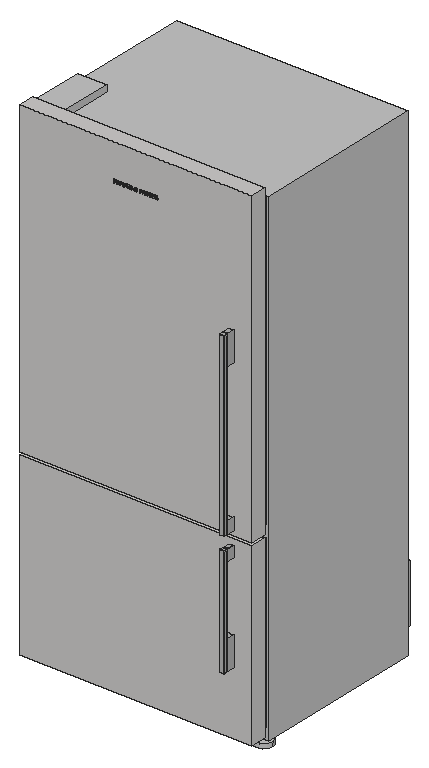
Revit family "FP-Revit18-E522BLXFD4-Fridges", category Specialty Equipment, Revit 2018
Family settings
  Round Connector Dimension = Use Diameter
  Part Type = Normal
  OmniClass Number = 23.40.40.11.11.17
  OmniClass Title = Refrigerator-Freezer
  Work Plane-Based = No
  Always vertical = Yes
  Cut with Voids When Loaded = Yes
  Shared = No
  Room Calculation Point = No
Parameters (values of type "E522BLXFD4")
  Visibility - Clearance Required = yes
  URL = "www.fisherpaykel.com"
  Product - Width = 790 mm  # constant formula
  Product - Height = 1720 mm  # constant formula
  Product - Depth = 736 mm  # constant formula
  Model = "E522BLXFD4"
  Material - Logo = Fisher & Paykel - Steel, Chrome Plated
  Material - Handle = Fisher & Paykel - Aluminium
  Material - Door Structure = Fisher & Paykel - White
  Material - Door Front = Fisher & Paykel - Stainless Steel
  Material - Body = Fisher & Paykel - Grey
  Manufacturer = "Fisher & Paykel Appliances"
  Description = "79cm Freestanding Refrigerator with Bottom Freezer"
  Connector Description - Electrical = "230 V, 50Hz"
  Chassis - Width = 790 mm  # constant formula
  Chassis - Height = 1662 mm  # constant formula
  Chassis - Depth = 625 mm  # constant formula
  Cavity - Width = 830 mm  # constant formula
  Cavity - Height = 1735 mm  # constant formula
  Cavity - Depth = 625 mm  # constant formula
Reference planes
  plane 1 "Datum": y = 0
  plane 2: z = 0
  plane 3 "Center (Left/Right)": x = 0
  plane 4 "Product LHS": x = -395
  plane 5 "Product RHS": x = 395
  plane 6 "Product - Depth": y = 625
  plane 7 "Cavity LHS": x = -415
  plane 8 "Cavity RHS": x = 415
  plane 9 "Cavity - Depth": y = 625
  plane 10 "Product Height": z = 1720
  plane 11 "Cavity Height": z = 1735
  plane 12 "Door Panel Front": y = -70
Forms (mm)
  Extrusion 1, solid, material "Fisher & Paykel - Grey" <- "Material - Body"
    sketch origin (0, 0, 0) x (0, 1, 0) y (0, 0, 1)
      loop
        line (0, 24) -> (595, 24) -> (595, 1686) -> (0, 1686) -> (0, 24)
    from -395 to 395
  Extrusion 2, solid, material "Fisher & Paykel - Grey" <- "Material - Body"
    sketch origin (0, 0, 0) x (1, 0, 0) y (0, 1, 0)
      loop
        circle (-365, 18.6) r 4.9
      loop
        circle (365, 18.6) r 4.9
    from 14 to 24
  Extrusion 3, solid, material "Fisher & Paykel - Grey" <- "Material - Body"
    sketch origin (0, 0, 0) x (1, 0, 0) y (0, 1, 0)
      loop
        circle (-365, 18.6) r 30
      loop
        circle (365, 18.6) r 30
    from 0 to 14
  Extrusion 4, solid, material "Fisher & Paykel - Grey" <- "Material - Body"
    sketch origin (0, 0, 0) x (1, 0, 0) y (0, 0, 1)
      loop
        circle (355.042, 69) r 5
      loop
        circle (305.042, 69) r 5
    from -615 to -595
  Extrusion 5, solid, material "Fisher & Paykel - White" <- "Material - Door Structure"
    sketch origin (0, 0, 0) x (1, 0, 0) y (0, 1, 0)
      loop
        line (-387, 0) -> (-387, -15) -> (387, -15) -> (387, 0) -> (-387, 0)
    from 682 to 1680
  Extrusion 6, solid, material "Fisher & Paykel - Stainless Steel" <- "Material - Door Front"
    sketch origin (0, 0, 0) x (1, 0, 0) y (0, 1, 0)
      loop
        line (-395, -15) -> (-395, -70) -> (395, -70) -> (395, -15) -> (-395, -15)
    from 660 to 1720
  Extrusion 7, solid, material "Fisher & Paykel - Clearance Required", visible <- "Visibility - Clearance Required", detail levels coarse
    sketch origin (0, 0, 0) x (1, 0, 0) y (0, 1, 0)
      loop
        line (-415, 625) -> (-415, 0) -> (-550, 0) -> (-550, -70) -> (415, -70) -> (415, 625) -> (-415, 625)
    from 0 to 1735
  Extrusion 8, void
    sketch origin (0, 0, 0) x (1, 0, 0) y (0, 1, 0)
      loop
        line (-415, 625) -> (-415, 0) -> (-550, 0) -> (-550, -70) -> (415, -70) -> (415, 625) -> (-415, 625)
    from 0 to 1735
  Extrusion 9, solid, material "Fisher & Paykel - Stainless Steel" <- "Material - Door Front"
    sketch origin (0, 0, 0) x (1, 0, 0) y (0, 1, 0)
      loop
        line (-395, -15) -> (-395, -70) -> (395, -70) -> (395, -15) -> (-395, -15)
    from 40 to 650
  Extrusion 10, solid, material "Fisher & Paykel - White" <- "Material - Door Structure"
    sketch origin (0, 0, 0) x (1, 0, 0) y (0, 1, 0)
      loop
        line (-387, 0) -> (-387, -15) -> (387, -15) -> (387, 0) -> (-387, 0)
    from 62 to 642
  Extrusion 11, solid, material "Fisher & Paykel - Grey" <- "Material - Body"
    sketch origin (229.237, 0, 0) x (0, 1, 0) y (0, 0, 1)
      loop
        line (595, 324) -> (595, 94) -> (625, 94) -> (625, 294) -> (595, 324)
    from -604.237 to 145.763
  Extrusion 12, solid, material "Fisher & Paykel - Grey" <- "Material - Body"
    sketch origin (0, 0, 0) x (0, 1, 0) y (0, 0, 1)
      loop
        line (595, 94) -> (595, 24) -> (625, 24) -> (625, 94) -> (595, 94)
    from -375 to 280
  Extrusion 13, solid, material "Fisher & Paykel - Grey" <- "Material - Body"
    sketch origin (0, 0, 0) x (1, 0, 0) y (0, 1, 0)
      loop
        line (-296.4, 174) -> (-395, 174) -> (-395, -15) -> (-296.4, -15) -> (-296.4, 174)
    from 1686 to 1708
  Extrusion 14, solid, material "Fisher & Paykel - Clearance Required", visible <- "Visibility - Clearance Required", detail levels coarse
    sketch origin (0, 0, 0) x (1, 0, 0) y (0, 1, 0)
      loop
        line (-460.698, -70) -> (-917.327, -479.052) -> (-945.351, -447.768) -> (-956.233, -458.65) -> (-928.772, -489.304) -> (-975.827, -531.456)
        arc (-975.827, -531.456) -> (-135.432, -761.124) -> (395, -70) r 781.226
        line (395, -70) -> (-460.698, -70)
    from 0 to 1735
  Extrusion 15, solid, material "Fisher & Paykel - Grey" <- "Material - Body", detail levels fine
    sketch origin (0, 0, -4) x (0, 1, 0) y (0, 0, 1)
      loop
        arc (62.091, 28) -> (87.5, 4) -> (112.909, 28) r 25.45
        line (112.909, 28) -> (62.091, 28)
      loop
        arc (503.639, 28) -> (529.047, 4) -> (554.456, 28) r 25.45
        line (554.456, 28) -> (503.639, 28)
    from 345 to 362
  Extrusion 16, solid, material "Fisher & Paykel - Grey" <- "Material - Body", detail levels fine
    sketch origin (0, 0, -4) x (0, 1, 0) y (0, 0, -1)
      loop
        line (62.091, -28) -> (112.909, -28)
        arc (112.909, -28) -> (87.5, -4) -> (62.091, -28) r 25.45
      loop
        line (503.639, -28) -> (554.456, -28)
        arc (554.456, -28) -> (529.047, -4) -> (503.639, -28) r 25.45
    from 345 to 362
  Extrusion 17, solid, material "Fisher & Paykel - Aluminium" <- "Material - Handle", detail levels fine
    sketch origin (324.296, -70, 0) x (1, 0, 0) y (0, 1, 0)
      loop
        arc (-7.7, -27.749) -> (0.04, -25.059) -> (7.7, -27.971) r 11.986
        line (7.7, -27.971) -> (7.7, 0) -> (-7.7, 0) -> (-7.7, -27.749)
    from 257 to 357
  Extrusion 18, solid, material "Fisher & Paykel - Aluminium" <- "Material - Handle", detail levels fine
    sketch origin (324.296, -70, 0) x (1, 0, 0) y (0, 1, 0)
      loop
        arc (-7.7, -27.749) -> (0.04, -25.059) -> (7.7, -27.971) r 11.986
        line (7.7, -27.971) -> (7.7, 0) -> (-7.7, 0) -> (-7.7, -27.749)
    from 591 to 631
  Extrusion 19, solid, material "Fisher & Paykel - Aluminium" <- "Material - Handle", detail levels fine
    sketch origin (324.296, -70, 0) x (1, 0, 0) y (0, 1, 0)
      loop
        arc (-7.7, -27.749) -> (0.04, -25.059) -> (7.7, -27.971) r 11.986
        line (7.7, -27.971) -> (7.7, 0) -> (-7.7, 0) -> (-7.7, -27.749)
    from 676 to 716
  Extrusion 20, solid, material "Fisher & Paykel - Aluminium" <- "Material - Handle", detail levels fine
    sketch origin (324.296, -70, 0) x (1, 0, 0) y (0, 1, 0)
      loop
        arc (-7.7, -27.749) -> (0.04, -25.059) -> (7.7, -27.971) r 11.986
        line (7.7, -27.971) -> (7.7, 0) -> (-7.7, 0) -> (-7.7, -27.749)
    from 1188 to 1288
  Extrusion 21, solid, material "Fisher & Paykel - Aluminium" <- "Material - Handle", detail levels fine
    sketch origin (324.296, -70, 0) x (1, 0, 0) y (0, 1, 0)
      loop
        arc (-8, -39.496) -> (-7.559, -40.559) -> (-6.496, -41) r 1.504
        line (-6.496, -41) -> (6.5, -41)
        arc (6.5, -41) -> (7.561, -40.561) -> (8, -39.5) r 1.5
        line (8, -39.5) -> (8, -28.788)
        arc (8, -28.788) -> (7.908, -28.369) -> (7.649, -28.028) r 1
        arc (7.649, -28.028) -> (0.055, -25.159) -> (-7.625, -27.788) r 11.986
        arc (-7.625, -27.788) -> (-7.901, -28.136) -> (-8, -28.569) r 1
        line (-8, -28.569) -> (-8, -39.496)
    from 676 to 1288
  Extrusion 22, solid, material "Fisher & Paykel - Aluminium" <- "Material - Handle", detail levels fine
    sketch origin (324.296, -70, 0) x (1, 0, 0) y (0, 1, 0)
      loop
        arc (-8, -39.496) -> (-7.559, -40.559) -> (-6.496, -41) r 1.504
        line (-6.496, -41) -> (6.5, -41)
        arc (6.5, -41) -> (7.561, -40.561) -> (8, -39.5) r 1.5
        line (8, -39.5) -> (8, -28.788)
        arc (8, -28.788) -> (7.908, -28.369) -> (7.649, -28.028) r 1
        arc (7.649, -28.028) -> (0.055, -25.159) -> (-7.625, -27.788) r 11.986
        arc (-7.625, -27.788) -> (-7.901, -28.136) -> (-8, -28.569) r 1
        line (-8, -28.569) -> (-8, -39.496)
    from 257 to 631
  Extrusion 23, solid, material "Fisher & Paykel - Aluminium" <- "Material - Handle", detail levels coarse+medium
    sketch origin (324.296, -70, 0) x (0, 1, 0) y (0, 0, 1)
      loop
        line (0, 1288) -> (-41, 1288) -> (-41, 676) -> (0, 676) -> (0, 716) -> (-25.058, 716) -> (-25.058, 1188) -> (0, 1188) -> (0, 1288)
      loop
        line (0, 631) -> (-41, 631) -> (-41, 257) -> (0, 257) -> (0, 357) -> (-25, 357) -> (-25, 591) -> (0, 591) -> (0, 631)
    from -8 to 8
  Sweep 24, void
    path in 3D
      loop
        line (316.296, -98.569, 1288) -> (316.296, -109.496, 1288)
        arc (316.296, -109.496, 1288) -> (316.736, -110.559, 1288) -> (317.8, -111, 1288) r 1.504
        line (317.8, -111, 1288) -> (330.796, -111, 1288)
        arc (330.796, -111, 1288) -> (331.856, -110.561, 1288) -> (332.296, -109.5, 1288) r 1.5
        line (332.296, -109.5, 1288) -> (332.296, -98.788, 1288)
    profile origin (332.296, -104.144, 1288) x (-1, 0, 0) y (0, 0, 1)
      loop
        line (0, 0) -> (0, -1.2) -> (1.2, 0) -> (0, 0)
  Extrusion 25, void
    sketch origin (324.296, -70, -3) x (1, 0, 0) y (0, 0, 1)
      loop
        line (6.8, 1291) -> (8, 1289.8) -> (8, 1291) -> (6.8, 1291)
      loop
        line (-6.8, 1291) -> (-8, 1291) -> (-8, 1289.8) -> (-6.8, 1291)
    from 0 to 41
  Sweep 26, void
    path in 3D
      loop
        line (316.296, -98.569, 631) -> (316.296, -109.496, 631)
        arc (316.296, -109.496, 631) -> (316.736, -110.559, 631) -> (317.8, -111, 631) r 1.504
        line (317.8, -111, 631) -> (330.796, -111, 631)
        arc (330.796, -111, 631) -> (331.856, -110.561, 631) -> (332.296, -109.5, 631) r 1.5
        line (332.296, -109.5, 631) -> (332.296, -98.788, 631)
    profile origin (332.296, -104.144, 631) x (-1, 0, 0) y (0, 0, 1)
      loop
        line (0, 0) -> (0, -1.2) -> (1.2, 0) -> (0, 0)
  Extrusion 27, void
    sketch origin (324.296, -70, -3) x (1, 0, 0) y (0, 0, 1)
      loop
        line (6.8, 634) -> (8, 632.8) -> (8, 634) -> (6.8, 634)
      loop
        line (-6.8, 634) -> (-8, 634) -> (-8, 632.8) -> (-6.8, 634)
    from 0 to 41
  Extrusion 28, solid, material "Fisher & Paykel - Aluminium" <- "Material - Handle", not visible, detail levels fine
    sketch origin (1231.336, 179.177, 0) x (1, 0, 0) y (0, 1, 0)
      loop
        arc (-7.7, -27.749) -> (0.04, -25.059) -> (7.7, -27.971) r 11.986
        line (7.7, -27.971) -> (7.7, 0) -> (-7.7, 0) -> (-7.7, -27.749)
    from 257 to 357
  Extrusion 29, solid, material "Fisher & Paykel - Aluminium" <- "Material - Handle", not visible, detail levels fine
    sketch origin (1231.336, 179.177, 0) x (1, 0, 0) y (0, 1, 0)
      loop
        arc (-7.7, -27.749) -> (0.04, -25.059) -> (7.7, -27.971) r 11.986
        line (7.7, -27.971) -> (7.7, 0) -> (-7.7, 0) -> (-7.7, -27.749)
    from 591 to 631
  Extrusion 30, solid, material "Fisher & Paykel - Aluminium" <- "Material - Handle", not visible, detail levels fine
    sketch origin (1231.336, 179.177, 0) x (1, 0, 0) y (0, 1, 0)
      loop
        arc (-7.7, -27.749) -> (0.04, -25.059) -> (7.7, -27.971) r 11.986
        line (7.7, -27.971) -> (7.7, 0) -> (-7.7, 0) -> (-7.7, -27.749)
    from 676 to 716
  Extrusion 31, solid, material "Fisher & Paykel - Aluminium" <- "Material - Handle", not visible, detail levels fine
    sketch origin (1231.336, 179.177, 0) x (1, 0, 0) y (0, 1, 0)
      loop
        arc (-7.7, -27.749) -> (0.04, -25.059) -> (7.7, -27.971) r 11.986
        line (7.7, -27.971) -> (7.7, 0) -> (-7.7, 0) -> (-7.7, -27.749)
    from 1188 to 1288
  Extrusion 32, solid, material "Fisher & Paykel - Aluminium" <- "Material - Handle", not visible, detail levels fine
    sketch origin (1231.336, 179.177, 0) x (1, 0, 0) y (0, 1, 0)
      loop
        arc (-8, -39.496) -> (-7.559, -40.559) -> (-6.496, -41) r 1.504
        line (-6.496, -41) -> (6.5, -41)
        arc (6.5, -41) -> (7.561, -40.561) -> (8, -39.5) r 1.5
        line (8, -39.5) -> (8, -28.788)
        arc (8, -28.788) -> (7.908, -28.369) -> (7.649, -28.028) r 1
        arc (7.649, -28.028) -> (0.055, -25.159) -> (-7.625, -27.788) r 11.986
        arc (-7.625, -27.788) -> (-7.901, -28.136) -> (-8, -28.569) r 1
        line (-8, -28.569) -> (-8, -39.496)
    from 676 to 1288
  Extrusion 33, solid, material "Fisher & Paykel - Aluminium" <- "Material - Handle", not visible, detail levels fine
    sketch origin (1231.336, 179.177, 0) x (1, 0, 0) y (0, 1, 0)
      loop
        arc (-8, -39.496) -> (-7.559, -40.559) -> (-6.496, -41) r 1.504
        line (-6.496, -41) -> (6.5, -41)
        arc (6.5, -41) -> (7.561, -40.561) -> (8, -39.5) r 1.5
        line (8, -39.5) -> (8, -28.788)
        arc (8, -28.788) -> (7.908, -28.369) -> (7.649, -28.028) r 1
        arc (7.649, -28.028) -> (0.055, -25.159) -> (-7.625, -27.788) r 11.986
        arc (-7.625, -27.788) -> (-7.901, -28.136) -> (-8, -28.569) r 1
        line (-8, -28.569) -> (-8, -39.496)
    from 257 to 631
  Extrusion 34, solid, material "Fisher & Paykel - Aluminium" <- "Material - Handle", not visible, detail levels coarse+medium
    sketch origin (1231.336, 179.177, 0) x (0, 1, 0) y (0, 0, 1)
      loop
        line (0, 1288) -> (-41, 1288) -> (-41, 676) -> (0, 676) -> (0, 716) -> (-25.058, 716) -> (-25.058, 1188) -> (0, 1188) -> (0, 1288)
      loop
        line (0, 631) -> (-41, 631) -> (-41, 257) -> (0, 257) -> (0, 357) -> (-25, 357) -> (-25, 591) -> (0, 591) -> (0, 631)
    from -8 to 8
  Sweep 35, void, not visible
    path in 3D
      loop
        line (1223.336, 150.608, 1288) -> (1223.336, 139.681, 1288)
        arc (1223.336, 139.681, 1288) -> (1223.777, 138.617, 1288) -> (1224.84, 138.177, 1288) r 1.504
        line (1224.84, 138.177, 1288) -> (1237.836, 138.177, 1288)
        arc (1237.836, 138.177, 1288) -> (1238.897, 138.616, 1288) -> (1239.336, 139.677, 1288) r 1.5
        line (1239.336, 139.677, 1288) -> (1239.336, 150.389, 1288)
    profile origin (1239.336, 145.033, 1288) x (-1, 0, 0) y (0, 0, 1)
      loop
        line (0, 0) -> (0, -1.2) -> (1.2, 0) -> (0, 0)
  Extrusion 36, void, not visible
    sketch origin (1231.336, 179.177, -3) x (1, 0, 0) y (0, 0, 1)
      loop
        line (6.8, 1291) -> (8, 1289.8) -> (8, 1291) -> (6.8, 1291)
      loop
        line (-6.8, 1291) -> (-8, 1291) -> (-8, 1289.8) -> (-6.8, 1291)
    from 0 to 41
  Sweep 37, void, not visible
    path in 3D
      loop
        line (1223.336, 150.608, 631) -> (1223.336, 139.681, 631)
        arc (1223.336, 139.681, 631) -> (1223.777, 138.617, 631) -> (1224.84, 138.177, 631) r 1.504
        line (1224.84, 138.177, 631) -> (1237.836, 138.177, 631)
        arc (1237.836, 138.177, 631) -> (1238.897, 138.616, 631) -> (1239.336, 139.677, 631) r 1.5
        line (1239.336, 139.677, 631) -> (1239.336, 150.389, 631)
    profile origin (1239.336, 145.033, 631) x (-1, 0, 0) y (0, 0, 1)
      loop
        line (0, 0) -> (0, -1.2) -> (1.2, 0) -> (0, 0)
  Extrusion 38, void, not visible
    sketch origin (1231.336, 179.177, -3) x (1, 0, 0) y (0, 0, 1)
      loop
        line (6.8, 634) -> (8, 632.8) -> (8, 634) -> (6.8, 634)
      loop
        line (-6.8, 634) -> (-8, 634) -> (-8, 632.8) -> (-6.8, 634)
    from 0 to 41
  Extrusion 39, solid, material "Fisher & Paykel - Steel, Chrome Plated" <- "Material - Logo", detail levels fine
    sketch origin (0, -70, 1596) x (1, 0, 0) y (0, 0, 1)
      loop
        line (-74.994, 0) -> (-72.633, 0) -> (-72.633, 3.207) -> (-68.944, 3.207) -> (-68.944, 5.208) -> (-72.633, 5.208) -> (-72.633, 7.068) -> (-68.62, 7.068) -> (-68.62, 9.06) -> (-74.994, 9.06) -> (-74.994, 0)
      loop
        line (-64.134, 9.06) -> (-64.134, 0) -> (-61.773, 0) -> (-61.773, 9.06) -> (-64.134, 9.06)
      loop
        line (-46.015, 9.06) -> (-46.015, 0) -> (-43.654, 0) -> (-43.654, 3.63) -> (-40.187, 3.63) -> (-40.187, 0) -> (-37.826, 0) -> (-37.826, 9.06) -> (-40.187, 9.06) -> (-40.187, 5.622) -> (-43.654, 5.622) -> (-43.654, 9.06) -> (-46.015, 9.06)
      loop
        line (-32.787, 9.06) -> (-32.787, 0) -> (-26.332, 0) -> (-26.332, 1.992) -> (-30.448, 1.992) -> (-30.448, 3.63) -> (-26.686, 3.63) -> (-26.686, 5.622) -> (-30.448, 5.622) -> (-30.448, 7.068) -> (-26.332, 7.068) -> (-26.332, 9.06) -> (-32.787, 9.06)
      loop
        line (68.572, 9.06) -> (68.572, 0) -> (75.006, 0) -> (75.006, 1.992) -> (70.933, 1.992) -> (70.933, 9.06) -> (68.572, 9.06)
      loop
        line (63.719, 9.06) -> (57.241, 9.06) -> (57.241, 0) -> (63.719, 0) -> (63.719, 1.992) -> (59.602, 1.992) -> (59.602, 3.63) -> (63.364, 3.63) -> (63.364, 5.622) -> (59.602, 5.622) -> (59.602, 7.068) -> (63.719, 7.068) -> (63.719, 9.06)
      loop
        line (50.248, 4.722) -> (53.597, 9.06) -> (50.837, 9.06) -> (47.945, 5.313) -> (47.945, 9.06) -> (45.585, 9.06) -> (45.585, 0) -> (47.945, 0) -> (47.945, 4.058) -> (50.926, 0) -> (53.716, 0) -> (50.248, 4.722)
      loop
        line (33.043, 9.06) -> (36.466, 3.63) -> (36.466, 0) -> (38.827, 0) -> (38.827, 3.511) -> (42.25, 9.06) -> (39.742, 9.06) -> (37.721, 5.561) -> (35.701, 9.06) -> (33.043, 9.06)
      loop
        line (27.79, 9.06) -> (25.547, 9.06) -> (21.858, 0) -> (24.175, 0) -> (24.824, 1.668) -> (28.454, 1.668) -> (29.103, 0) -> (31.479, 0) -> (27.79, 9.06)
      loop
        line (27.671, 3.659) -> (26.612, 6.261) -> (25.599, 3.659) -> (27.671, 3.659)
      loop
        line (12.119, 9.06) -> (12.119, 0) -> (14.48, 0) -> (14.48, 2.907) -> (15.971, 2.907)
        arc (15.971, 2.907) -> (19.048, 5.983) -> (15.971, 9.06) r 3.077
        line (15.971, 9.06) -> (12.119, 9.06)
      loop
        line (14.48, 7.068) -> (14.48, 4.796) -> (15.824, 4.796)
        arc (15.824, 4.796) -> (16.96, 5.932) -> (15.824, 7.068) r 1.136
        line (15.824, 7.068) -> (14.48, 7.068)
      loop
        line (-17.602, 9.06) -> (-21.477, 9.06) -> (-21.477, 0) -> (-19.116, 0) -> (-19.116, 2.522) -> (-18.311, 2.522) -> (-16.387, 0) -> (-13.657, 0) -> (-15.969, 2.959)
        arc (-15.969, 2.959) -> (-14.445, 6.636) -> (-17.602, 9.06) r 3.269
      loop
        line (-17.774, 7.068) -> (-19.116, 7.068) -> (-19.116, 4.579) -> (-17.774, 4.579)
        arc (-17.774, 4.579) -> (-16.529, 5.823) -> (-17.774, 7.068) r 1.244
      loop
        line (0.788, 7.068) -> (0.788, 9.229) -> (-5.291, 9.229) -> (-5.291, 7.276) -> (-4.389, 6.167)
        arc (-4.389, 6.167) -> (-5.193, 1.025) -> (0.005, 0.768) r 3.5
        line (0.005, 0.768) -> (0.63, 0) -> (3.308, 0) -> (1.362, 2.391) -> (3.12, 4.924) -> (0.694, 4.924) -> (0.053, 4) -> (-2.443, 7.068) -> (0.788, 7.068)
      loop
        arc (-3.116, 4.603) -> (-3.331, 2.502) -> (-1.23, 2.286) r 1.493
        line (-1.23, 2.286) -> (-3.116, 4.603)
      loop
        line (-52.698, 5.451) -> (-54.701, 5.866)
        arc (-54.701, 5.866) -> (-55.501, 6.665) -> (-54.701, 7.465) r 0.799
        arc (-54.701, 7.465) -> (-52.78, 7.185) -> (-51.017, 6.371) r 6.757
        line (-51.017, 6.371) -> (-51.017, 8.615)
        arc (-51.017, 8.615) -> (-53.252, 9.269) -> (-55.578, 9.164) r 7.089
        arc (-55.578, 9.164) -> (-57.732, 6.502) -> (-55.578, 3.841) r 2.721
        line (-55.578, 3.841) -> (-53.559, 3.423)
        arc (-53.559, 3.423) -> (-52.76, 2.623) -> (-53.559, 1.824) r 0.799
        arc (-53.559, 1.824) -> (-55.481, 2.103) -> (-57.244, 2.917) r 6.757
        line (-57.244, 2.917) -> (-57.244, 0.674)
        arc (-57.244, 0.674) -> (-55.009, 0.02) -> (-52.682, 0.125) r 7.089
        arc (-52.682, 0.125) -> (-50.529, 2.795) -> (-52.698, 5.451) r 2.721
    from 0 to 0.8
Cuts and joins
  joined: Extrusion 11, Extrusion 12
  Extrusion 25 cuts Extrusion 6
  Sweep 24 cuts Extrusion 14
  Sweep 24, Extrusion 25 cuts Extrusion 21
  Sweep 24 cuts Extrusion 23
  Extrusion 25 cuts Extrusion 7
  Extrusion 25 cuts Extrusion 20
  Sweep 26, Extrusion 27 cuts Extrusion 22
  Extrusion 27 cuts Extrusion 9
  Extrusion 27 cuts Extrusion 18
Lines and regions (mm)
  sketch lines
    curve 1: line (332.296, -109.5, 1288) -> (332.296, -98.788, 1288)
    curve 2: arc (332.296, -109.5, 1288) -> (331.856, -110.561, 1288) -> (330.796, -111, 1288) r 1.5
    curve 3: line (317.8, -111, 1288) -> (330.796, -111, 1288)
    curve 4: arc (317.8, -111, 1288) -> (316.736, -110.559, 1288) -> (316.296, -109.496, 1288) r 1.504
    curve 5: line (316.296, -98.569, 1288) -> (316.296, -109.496, 1288)
    curve 6: line (332.296, -109.5, 631) -> (332.296, -98.788, 631)
    curve 7: arc (332.296, -109.5, 631) -> (331.856, -110.561, 631) -> (330.796, -111, 631) r 1.5
    curve 8: arc (317.8, -111, 631) -> (316.736, -110.559, 631) -> (316.296, -109.496, 631) r 1.504
    curve 9: line (316.296, -98.569, 631) -> (316.296, -109.496, 631)
    curve 10: line (317.8, -111, 631) -> (330.796, -111, 631)
  sketch lines, not visible
    curve 11: line (1239.336, 139.677, 1288) -> (1239.336, 150.389, 1288)
    curve 12: arc (1239.336, 139.677, 1288) -> (1238.897, 138.616, 1288) -> (1237.836, 138.177, 1288) r 1.5
    curve 13: line (1224.84, 138.177, 1288) -> (1237.836, 138.177, 1288)
    curve 14: arc (1224.84, 138.177, 1288) -> (1223.777, 138.617, 1288) -> (1223.336, 139.681, 1288) r 1.504
    curve 15: line (1223.336, 150.608, 1288) -> (1223.336, 139.681, 1288)
    curve 16: line (1239.336, 139.677, 631) -> (1239.336, 150.389, 631)
    curve 17: arc (1239.336, 139.677, 631) -> (1238.897, 138.616, 631) -> (1237.836, 138.177, 631) r 1.5
    curve 18: arc (1224.84, 138.177, 631) -> (1223.777, 138.617, 631) -> (1223.336, 139.681, 631) r 1.504
    curve 19: line (1223.336, 150.608, 631) -> (1223.336, 139.681, 631)
    curve 20: line (1224.84, 138.177, 631) -> (1237.836, 138.177, 631)
Text (mm)
  text "Due to ongoing product development, product details are subject to change without notice. \nPlease always refer to www.fisherpaykel.com for the most current product information. \n© Fisher & Paykel 2020" at (41.04, -848.295, 0), in view "Ref. Level (Plan)"
Dimensions and locks
  equal spacing: plane 4 "Product LHS", plane 3 "Center (Left/Right)", plane 5 "Product RHS"
  "Product - Width": plane 4 "Product LHS" to plane 5 "Product RHS"
  "Cavity - Depth": plane 1 "Datum" to plane 6 "Product - Depth"
  equal spacing: plane 7 "Cavity LHS", plane 3 "Center (Left/Right)", plane 8 "Cavity RHS"
  "Cavity - Width": plane 7 "Cavity LHS" to plane 8 "Cavity RHS"
  Extrusion 4 sketch curve to plane 5 "Product RHS" = 39.958 mm
  locked: Extrusion 3 to level at 14
  "Product - Height": level to plane 10 "Product Height"
  Extrusion 1 sketch curve to plane 10 "Product Height" = 34 mm
  "Cavity - Height": plane 11 "Cavity Height" to level
  "Chassis - Depth": plane 1 "Datum" to plane 9 "Cavity - Depth"
  "Chassis - Depth": plane 1 "Datum" to cut or joined group of Extrusion 11, Extrusion 12
  locked: Extrusion 9 to Extrusion 1 at 16
  locked: Extrusion 9 to Extrusion 1 at 626
  locked: cut or joined group of Extrusion 6, Extrusion 25 to Extrusion 1 at 636
  locked: Extrusion 1 to Extrusion 10 at 38
  locked: Extrusion 1 to Extrusion 5 at 658
  locked: Extrusion 1 to Extrusion 10 at 618
  locked: Extrusion 1 to Extrusion 5 at 1656
  locked: Extrusion 13 to Extrusion 1 at 22
  "Chassis - Height": Extrusion 1 to Extrusion 1
  locked: Extrusion 1 to plane 10 "Product Height" at 34
  locked: Extrusion 1 to cut or joined group of Extrusion 11, Extrusion 12 at 70
  locked: Extrusion 4 sketch curve to cut or joined group of Extrusion 11, Extrusion 12 at 25  (x2)
  Extrusion 39 to plane 2 = 1596 mm
  aligned and locked: level to plane 2
  aligned and locked: Extrusion 1 to plane 5 "Product RHS"
  aligned and locked: plane 4 "Product LHS" to Extrusion 1
  aligned and locked: Extrusion 6 sketch curve to plane 4 "Product LHS"
  aligned and locked: plane 5 "Product RHS" to Extrusion 6 sketch curve
  aligned and locked: Extrusion 1 sketch curve to plane 1 "Datum"
  aligned and locked: Extrusion 12 sketch curve to plane 6 "Product - Depth"
  aligned and locked: Extrusion 4 to Extrusion 1
  aligned and locked: Extrusion 13 to Extrusion 1
  aligned and locked: Extrusion 6 to plane 10 "Product Height"
  aligned and locked: Extrusion 2 to Extrusion 1
  aligned and locked: Extrusion 15 sketch curve to Extrusion 15 sketch curve
  aligned and locked: Extrusion 1 to Extrusion 12
  aligned and locked: Extrusion 12 to Extrusion 11
  aligned and locked: Extrusion 7 to plane 11 "Cavity Height"
  aligned and locked: Extrusion 1 to Extrusion 15 sketch curve
  aligned and locked: Extrusion 16 sketch curve to Extrusion 1  (x2)
  aligned and locked: Extrusion 8 to plane 11 "Cavity Height"
  aligned and locked: Extrusion 22 to Extrusion 23
  aligned and locked: Extrusion 23 to Extrusion 17
  aligned and locked: Extrusion 23 to Extrusion 22
  aligned and locked: Extrusion 18 to Extrusion 23
  aligned and locked: Extrusion 21 to Extrusion 23
  aligned and locked: Extrusion 23 to Extrusion 19
  aligned and locked: Extrusion 20 to Extrusion 23
Automatic sketch dimensions
  Extrusion 1 sketch curve to plane 6 "Product - Depth" = 30 mm
  level to Extrusion 1 sketch curve = 24 mm
  Extrusion 2 sketch curve to plane 4 "Product LHS" = 30 mm
  plane 5 "Product RHS" to Extrusion 2 sketch curve = 30 mm
  Extrusion 2 sketch curve to plane 1 "Datum" = 18.6 mm  (x2)
  Extrusion 3 sketch curve to plane 4 "Product LHS" = 30 mm
  plane 5 "Product RHS" to Extrusion 3 sketch curve = 30 mm
  Extrusion 3 sketch curve to plane 1 "Datum" = 18.6 mm  (x2)
  Extrusion 4 sketch curve to Extrusion 4 sketch curve = 50 mm
  plane 1 "Datum" to Extrusion 5 sketch curve = 0 mm
  Extrusion 5 sketch curve to plane 4 "Product LHS" = 8 mm
  plane 5 "Product RHS" to Extrusion 5 sketch curve = 8 mm
  plane 1 "Datum" to Extrusion 5 sketch curve = 15 mm
  plane 1 "Datum" to Extrusion 6 sketch curve = 70 mm
  plane 1 "Datum" to Extrusion 6 sketch curve = 15 mm
  Extrusion 9 sketch curve to plane 4 "Product LHS" = 0 mm
  Extrusion 9 sketch curve to plane 5 "Product RHS" = 0 mm
  plane 1 "Datum" to Extrusion 9 sketch curve = 70 mm
  plane 1 "Datum" to Extrusion 9 sketch curve = 15 mm
  plane 1 "Datum" to Extrusion 10 sketch curve = 0 mm
  Extrusion 10 sketch curve to plane 4 "Product LHS" = 8 mm
  plane 5 "Product RHS" to Extrusion 10 sketch curve = 8 mm
  plane 1 "Datum" to Extrusion 10 sketch curve = 15 mm
  Extrusion 11 sketch curve to plane 6 "Product - Depth" = 0 mm
  Extrusion 11 sketch curve to plane 6 "Product - Depth" = 30 mm
  level to Extrusion 11 sketch curve = 94 mm
  Extrusion 11 sketch curve to Extrusion 11 sketch curve = 200 mm
  Extrusion 11 sketch curve to Extrusion 11 sketch curve = 30 mm
  Extrusion 12 sketch curve to plane 6 "Product - Depth" = 30 mm
  level to Extrusion 12 sketch curve = 24 mm
  Extrusion 12 sketch curve to Extrusion 12 sketch curve = 70 mm
  Extrusion 15 sketch curve to plane 1 "Datum" = 62.091 mm
  Extrusion 15 sketch curve to Extrusion 15 sketch curve = 25.409 mm  (x2)
  Extrusion 15 sketch curve to plane 6 "Product - Depth" = 121.361 mm
  Extrusion 15 sketch curve to Extrusion 15 sketch curve = 1.45 mm  (x2)
  Extrusion 16 sketch curve to plane 1 "Datum" = 62.091 mm
  Extrusion 16 sketch curve to Extrusion 16 sketch curve = 25.409 mm  (x2)
  Extrusion 16 sketch curve to plane 6 "Product - Depth" = 121.361 mm
  Extrusion 16 sketch curve to Extrusion 16 sketch curve = 1.45 mm  (x2)
  Extrusion 17 sketch curve to Extrusion 17 sketch curve = 7.567 mm
  Extrusion 17 sketch curve to Extrusion 17 sketch curve = 7.833 mm
  Extrusion 17 sketch curve to Extrusion 17 sketch curve = 27.749 mm
  Extrusion 17 sketch curve to Extrusion 17 sketch curve = 0.223 mm
  Extrusion 18 sketch curve to Extrusion 18 sketch curve = 7.567 mm
  Extrusion 18 sketch curve to Extrusion 18 sketch curve = 7.833 mm
  Extrusion 18 sketch curve to Extrusion 18 sketch curve = 27.749 mm
  Extrusion 18 sketch curve to Extrusion 18 sketch curve = 0.223 mm
  Extrusion 19 sketch curve to Extrusion 19 sketch curve = 7.567 mm
  Extrusion 19 sketch curve to Extrusion 19 sketch curve = 7.833 mm
  Extrusion 19 sketch curve to Extrusion 19 sketch curve = 27.749 mm
  Extrusion 19 sketch curve to Extrusion 19 sketch curve = 0.223 mm
  Extrusion 20 sketch curve to Extrusion 20 sketch curve = 7.567 mm
  Extrusion 20 sketch curve to Extrusion 20 sketch curve = 7.833 mm
  Extrusion 20 sketch curve to Extrusion 20 sketch curve = 27.749 mm
  Extrusion 20 sketch curve to Extrusion 20 sketch curve = 0.223 mm
  Extrusion 21 sketch curve to Extrusion 21 sketch curve = 1 mm  (x2)
  Extrusion 21 sketch curve to Extrusion 21 sketch curve = 1.504 mm
  Extrusion 21 sketch curve to Extrusion 21 sketch curve = 6.363 mm
  Extrusion 21 sketch curve to Extrusion 21 sketch curve = 6.633 mm
  Extrusion 21 sketch curve to Extrusion 21 sketch curve = 0.5 mm
  Extrusion 21 sketch curve to Extrusion 21 sketch curve = 2.353 mm
  Extrusion 21 sketch curve to Extrusion 21 sketch curve = 10.712 mm
  Extrusion 21 sketch curve to Extrusion 21 sketch curve = 10.927 mm
  Extrusion 21 sketch curve to Extrusion 21 sketch curve = 0 mm
  Extrusion 22 sketch curve to Extrusion 22 sketch curve = 1 mm  (x2)
  Extrusion 22 sketch curve to Extrusion 22 sketch curve = 1.504 mm
  Extrusion 22 sketch curve to Extrusion 22 sketch curve = 6.363 mm
  Extrusion 22 sketch curve to Extrusion 22 sketch curve = 6.633 mm
  Extrusion 22 sketch curve to Extrusion 22 sketch curve = 0.5 mm
  Extrusion 22 sketch curve to Extrusion 22 sketch curve = 2.353 mm
  Extrusion 22 sketch curve to Extrusion 22 sketch curve = 10.712 mm
  Extrusion 22 sketch curve to Extrusion 22 sketch curve = 10.927 mm
  Extrusion 22 sketch curve to Extrusion 22 sketch curve = 0 mm
  Extrusion 23 sketch curve to Extrusion 23 sketch curve = 15.942 mm
  Extrusion 23 sketch curve to Extrusion 23 sketch curve = 16 mm
  Extrusion 23 sketch curve to Extrusion 23 sketch curve = 41 mm  (x3)
  Extrusion 23 sketch curve to Extrusion 23 sketch curve = 25.058 mm
  Extrusion 23 sketch curve to Extrusion 23 sketch curve = 100 mm  (x2)
  Extrusion 23 sketch curve to Extrusion 23 sketch curve = 234 mm
  Extrusion 23 sketch curve to Extrusion 23 sketch curve = 40 mm  (x2)
  Extrusion 23 sketch curve to Extrusion 23 sketch curve = 45 mm
  Extrusion 23 sketch curve to Extrusion 23 sketch curve = 472 mm
  Sweep 24 sketch curve to profile plane = 0 mm  (x2)
  Sweep 24 sketch curve to profile plane = 1.2 mm  (x2)
  Extrusion 25 sketch curve to Extrusion 25 sketch curve = 1.2 mm  (x5)
  Extrusion 25 sketch curve to Extrusion 25 sketch curve = 13.6 mm
  Sweep 26 sketch curve to profile plane = 0 mm  (x2)
  Sweep 26 sketch curve to profile plane = 1.2 mm  (x2)
  Extrusion 27 sketch curve to Extrusion 27 sketch curve = 1.2 mm  (x4)
  Extrusion 27 sketch curve to Extrusion 27 sketch curve = 13.6 mm
  Extrusion 27 sketch curve to Extrusion 27 sketch curve = 0 mm
  Extrusion 23 sketch curve to Extrusion 23 sketch curve = 0 mm
  Extrusion 28 sketch curve to Extrusion 28 sketch curve = 7.567 mm
  Extrusion 28 sketch curve to Extrusion 28 sketch curve = 7.833 mm
  Extrusion 28 sketch curve to Extrusion 28 sketch curve = 27.749 mm
  Extrusion 28 sketch curve to Extrusion 28 sketch curve = 0.223 mm
  Extrusion 29 sketch curve to Extrusion 29 sketch curve = 7.567 mm
  Extrusion 29 sketch curve to Extrusion 29 sketch curve = 7.833 mm
  Extrusion 29 sketch curve to Extrusion 29 sketch curve = 27.749 mm
  Extrusion 29 sketch curve to Extrusion 29 sketch curve = 0.223 mm
  Extrusion 30 sketch curve to Extrusion 30 sketch curve = 7.567 mm
  Extrusion 30 sketch curve to Extrusion 30 sketch curve = 7.833 mm
  Extrusion 30 sketch curve to Extrusion 30 sketch curve = 27.749 mm
  Extrusion 30 sketch curve to Extrusion 30 sketch curve = 0.223 mm
  Extrusion 31 sketch curve to Extrusion 31 sketch curve = 7.567 mm
  Extrusion 31 sketch curve to Extrusion 31 sketch curve = 7.833 mm
  Extrusion 31 sketch curve to Extrusion 31 sketch curve = 27.749 mm
  Extrusion 31 sketch curve to Extrusion 31 sketch curve = 0.223 mm
  Extrusion 32 sketch curve to Extrusion 32 sketch curve = 1 mm  (x2)
  Extrusion 32 sketch curve to Extrusion 32 sketch curve = 1.504 mm
  Extrusion 32 sketch curve to Extrusion 32 sketch curve = 6.363 mm
  Extrusion 32 sketch curve to Extrusion 32 sketch curve = 6.633 mm
  Extrusion 32 sketch curve to Extrusion 32 sketch curve = 0.5 mm
  Extrusion 32 sketch curve to Extrusion 32 sketch curve = 2.353 mm
  Extrusion 32 sketch curve to Extrusion 32 sketch curve = 10.712 mm
  Extrusion 32 sketch curve to Extrusion 32 sketch curve = 10.927 mm
  Extrusion 32 sketch curve to Extrusion 32 sketch curve = 0 mm
  Extrusion 33 sketch curve to Extrusion 33 sketch curve = 1 mm  (x2)
  Extrusion 33 sketch curve to Extrusion 33 sketch curve = 1.504 mm
  Extrusion 33 sketch curve to Extrusion 33 sketch curve = 6.363 mm
  Extrusion 33 sketch curve to Extrusion 33 sketch curve = 6.633 mm
  Extrusion 33 sketch curve to Extrusion 33 sketch curve = 0.5 mm
  Extrusion 33 sketch curve to Extrusion 33 sketch curve = 2.353 mm
  Extrusion 33 sketch curve to Extrusion 33 sketch curve = 10.712 mm
  Extrusion 33 sketch curve to Extrusion 33 sketch curve = 10.927 mm
  Extrusion 33 sketch curve to Extrusion 33 sketch curve = 0 mm
  Extrusion 34 sketch curve to Extrusion 34 sketch curve = 15.942 mm
  Extrusion 34 sketch curve to Extrusion 34 sketch curve = 16 mm
  Extrusion 34 sketch curve to Extrusion 34 sketch curve = 41 mm  (x3)
  Extrusion 34 sketch curve to Extrusion 34 sketch curve = 25.058 mm
  Extrusion 34 sketch curve to Extrusion 34 sketch curve = 100 mm  (x2)
  Extrusion 34 sketch curve to Extrusion 34 sketch curve = 234 mm
  Extrusion 34 sketch curve to Extrusion 34 sketch curve = 40 mm  (x2)
  Extrusion 34 sketch curve to Extrusion 34 sketch curve = 45 mm
  Extrusion 34 sketch curve to Extrusion 34 sketch curve = 472 mm
  Sweep 35 sketch curve to profile plane = 0 mm  (x2)
  Sweep 35 sketch curve to profile plane = 1.2 mm  (x2)
  Extrusion 36 sketch curve to Extrusion 36 sketch curve = 1.2 mm  (x5)
  Extrusion 36 sketch curve to Extrusion 36 sketch curve = 13.6 mm
  Sweep 37 sketch curve to profile plane = 0 mm  (x2)
  Sweep 37 sketch curve to profile plane = 1.2 mm  (x2)
  Extrusion 38 sketch curve to Extrusion 38 sketch curve = 1.2 mm  (x4)
  Extrusion 38 sketch curve to Extrusion 38 sketch curve = 13.6 mm
  Extrusion 38 sketch curve to Extrusion 38 sketch curve = 0 mm
  Extrusion 34 sketch curve to Extrusion 34 sketch curve = 0 mm
  Extrusion 39 sketch curve to plane 3 "Center (Left/Right)" = 74.994 mm
  Extrusion 39 sketch curve to Extrusion 39 sketch curve = 2.361 mm  (x13)
  Extrusion 39 sketch curve to Extrusion 39 sketch curve = 3.689 mm
  Extrusion 39 sketch curve to Extrusion 39 sketch curve = 0.324 mm
  Extrusion 39 sketch curve to Extrusion 39 sketch curve = 4.486 mm
  Extrusion 39 sketch curve to Extrusion 39 sketch curve = 4.53 mm
  Extrusion 39 sketch curve to Extrusion 39 sketch curve = 1.665 mm
  Extrusion 39 sketch curve to Extrusion 39 sketch curve = 0.568 mm
  Extrusion 39 sketch curve to Extrusion 39 sketch curve = 0.309 mm  (x2)
  Extrusion 39 sketch curve to Extrusion 39 sketch curve = 0.54 mm
  Extrusion 39 sketch curve to Extrusion 39 sketch curve = 0.602 mm
  Extrusion 39 sketch curve to Extrusion 39 sketch curve = 1.142 mm
  Extrusion 39 sketch curve to Extrusion 39 sketch curve = 0 mm  (x19)
  Extrusion 39 sketch curve to Extrusion 39 sketch curve = 2.003 mm
  Extrusion 39 sketch curve to Extrusion 39 sketch curve = 2.542 mm
  Extrusion 39 sketch curve to Extrusion 39 sketch curve = 7.235 mm
  Extrusion 39 sketch curve to Extrusion 39 sketch curve = 3.468 mm  (x2)
  Extrusion 39 sketch curve to Extrusion 39 sketch curve = 5.039 mm
  Extrusion 39 sketch curve to Extrusion 39 sketch curve = 2.339 mm  (x2)
  Extrusion 39 sketch curve to Extrusion 39 sketch curve = 3.763 mm  (x2)
  Extrusion 39 sketch curve to Extrusion 39 sketch curve = 0.354 mm  (x4)
  Extrusion 39 sketch curve to Extrusion 39 sketch curve = 4.854 mm
  Extrusion 39 sketch curve to Extrusion 39 sketch curve = 0.805 mm
  Extrusion 39 sketch curve to Extrusion 39 sketch curve = 1.343 mm
  Extrusion 39 sketch curve to Extrusion 39 sketch curve = 0.172 mm
  Extrusion 39 sketch curve to Extrusion 39 sketch curve = 2.73 mm  (x2)
  Extrusion 39 sketch curve to Extrusion 39 sketch curve = 2.343 mm
  Extrusion 39 sketch curve to plane 3 "Center (Left/Right)" = 5.291 mm
  Extrusion 39 sketch curve to Extrusion 39 sketch curve = 0.902 mm
  Extrusion 39 sketch curve to Extrusion 39 sketch curve = 1.273 mm
  Extrusion 39 sketch curve to Extrusion 39 sketch curve = 0.638 mm
  Extrusion 39 sketch curve to Extrusion 39 sketch curve = 1.946 mm
  Extrusion 39 sketch curve to Extrusion 39 sketch curve = 0.305 mm
  Extrusion 39 sketch curve to plane 3 "Center (Left/Right)" = 1.23 mm
  plane 3 "Center (Left/Right)" to Extrusion 39 sketch curve = 0.005 mm
  plane 3 "Center (Left/Right)" to Extrusion 39 sketch curve = 0.053 mm
  plane 3 "Center (Left/Right)" to Extrusion 39 sketch curve = 0.63 mm
  plane 3 "Center (Left/Right)" to Extrusion 39 sketch curve = 0.694 mm
  plane 3 "Center (Left/Right)" to Extrusion 39 sketch curve = 0.788 mm
  plane 3 "Center (Left/Right)" to Extrusion 39 sketch curve = 1.362 mm
  Extrusion 39 sketch curve to Extrusion 39 sketch curve = 2.426 mm
  Extrusion 39 sketch curve to Extrusion 39 sketch curve = 2.678 mm
  Extrusion 39 sketch curve to Extrusion 39 sketch curve = 8.999 mm
  Extrusion 39 sketch curve to Extrusion 39 sketch curve = 1.344 mm
  Extrusion 39 sketch curve to Extrusion 39 sketch curve = 0.147 mm
  Extrusion 39 sketch curve to Extrusion 39 sketch curve = 5.887 mm
  Extrusion 39 sketch curve to Extrusion 39 sketch curve = 2.317 mm
  Extrusion 39 sketch curve to Extrusion 39 sketch curve = 0.649 mm  (x2)
  Extrusion 39 sketch curve to Extrusion 39 sketch curve = 0.723 mm
  Extrusion 39 sketch curve to Extrusion 39 sketch curve = 0.775 mm
  Extrusion 39 sketch curve to Extrusion 39 sketch curve = 1.013 mm
  Extrusion 39 sketch curve to Extrusion 39 sketch curve = 2.072 mm
  Extrusion 39 sketch curve to Extrusion 39 sketch curve = 2.243 mm  (x3)
  Extrusion 39 sketch curve to Extrusion 39 sketch curve = 0.782 mm
  Extrusion 39 sketch curve to Extrusion 39 sketch curve = 2.376 mm
  Extrusion 39 sketch curve to Extrusion 39 sketch curve = 5.252 mm
  Extrusion 39 sketch curve to Extrusion 39 sketch curve = 2.658 mm
  Extrusion 39 sketch curve to Extrusion 39 sketch curve = 0.765 mm
  Extrusion 39 sketch curve to Extrusion 39 sketch curve = 1.255 mm  (x2)
  Extrusion 39 sketch curve to Extrusion 39 sketch curve = 4.041 mm
  Extrusion 39 sketch curve to Extrusion 39 sketch curve = 2.509 mm
  Extrusion 39 sketch curve to Extrusion 39 sketch curve = 3.334 mm
  Extrusion 39 sketch curve to Extrusion 39 sketch curve = 2.303 mm
  Extrusion 39 sketch curve to Extrusion 39 sketch curve = 2.892 mm
  Extrusion 39 sketch curve to Extrusion 39 sketch curve = 2.981 mm
  Extrusion 39 sketch curve to Extrusion 39 sketch curve = 2.759 mm
  Extrusion 39 sketch curve to Extrusion 39 sketch curve = 2.79 mm
  Extrusion 39 sketch curve to Extrusion 39 sketch curve = 3.644 mm
  Extrusion 39 sketch curve to Extrusion 39 sketch curve = 4.853 mm
  Extrusion 39 sketch curve to Extrusion 39 sketch curve = 4.073 mm
  plane 10 "Product Height" to Extrusion 39 sketch curve = 124 mm  (x2)
  Extrusion 39 sketch curve to Extrusion 39 sketch curve = 0.674 mm
  Extrusion 39 sketch curve to Extrusion 39 sketch curve = 0.034 mm
  Extrusion 39 sketch curve to Extrusion 39 sketch curve = 0.768 mm
  Extrusion 39 sketch curve to Extrusion 39 sketch curve = 1.668 mm
  Extrusion 39 sketch curve to Extrusion 39 sketch curve = 1.992 mm  (x10)
  Extrusion 39 sketch curve to Extrusion 39 sketch curve = 1.523 mm
  Extrusion 39 sketch curve to Extrusion 39 sketch curve = 1.518 mm
  Extrusion 39 sketch curve to Extrusion 39 sketch curve = 1.624 mm
  Extrusion 39 sketch curve to Extrusion 39 sketch curve = 2.522 mm
  Extrusion 39 sketch curve to Extrusion 39 sketch curve = 0.393 mm  (x2)
  Extrusion 39 sketch curve to Extrusion 39 sketch curve = 0.163 mm  (x2)
  Extrusion 39 sketch curve to Extrusion 39 sketch curve = 2.907 mm
  Extrusion 39 sketch curve to Extrusion 39 sketch curve = 0.437 mm
  Extrusion 39 sketch curve to Extrusion 39 sketch curve = 3.207 mm
  Extrusion 39 sketch curve to Extrusion 39 sketch curve = 0.949 mm
  Extrusion 39 sketch curve to Extrusion 39 sketch curve = 0.637 mm  (x2)
  Extrusion 39 sketch curve to Extrusion 39 sketch curve = 0.21 mm
  Extrusion 39 sketch curve to Extrusion 39 sketch curve = 3.511 mm
  Extrusion 39 sketch curve to Extrusion 39 sketch curve = 3.63 mm
  Extrusion 39 sketch curve to Extrusion 39 sketch curve = 1.638 mm  (x2)
  Extrusion 39 sketch curve to Extrusion 39 sketch curve = 0.118 mm
  Extrusion 39 sketch curve to Extrusion 39 sketch curve = 0.924 mm  (x2)
  Extrusion 39 sketch curve to Extrusion 39 sketch curve = 1.609 mm
  Extrusion 39 sketch curve to Extrusion 39 sketch curve = 4.058 mm
  Extrusion 39 sketch curve to Extrusion 39 sketch curve = 2.057 mm
  Extrusion 39 sketch curve to Extrusion 39 sketch curve = 0.664 mm
  Extrusion 39 sketch curve to Extrusion 39 sketch curve = 1.889 mm
  Extrusion 39 sketch curve to Extrusion 39 sketch curve = 2.002 mm
  Extrusion 39 sketch curve to Extrusion 39 sketch curve = 2.028 mm
  Extrusion 39 sketch curve to Extrusion 39 sketch curve = 1.931 mm
  Extrusion 39 sketch curve to Extrusion 39 sketch curve = 1.212 mm
  Extrusion 39 sketch curve to Extrusion 39 sketch curve = 0.032 mm
  Extrusion 39 sketch curve to Extrusion 39 sketch curve = 0.415 mm
  Extrusion 39 sketch curve to Extrusion 39 sketch curve = 1.136 mm
  Extrusion 39 sketch curve to Extrusion 39 sketch curve = 0.052 mm
  Extrusion 39 sketch curve to Extrusion 39 sketch curve = 2.602 mm
  Extrusion 39 sketch curve to Extrusion 39 sketch curve = 0.92 mm
  Extrusion 39 sketch curve to Extrusion 39 sketch curve = 0.9 mm
  Extrusion 39 sketch curve to Extrusion 39 sketch curve = 1.446 mm  (x2)
  Extrusion 39 sketch curve to Extrusion 39 sketch curve = 1.859 mm
  Extrusion 39 sketch curve to Extrusion 39 sketch curve = 1.109 mm
  Extrusion 39 sketch curve to Extrusion 39 sketch curve = 1.116 mm
  Extrusion 39 sketch curve to Extrusion 39 sketch curve = 3.499 mm  (x2)
  Extrusion 39 sketch curve to Extrusion 39 sketch curve = 3.438 mm  (x2)
  Extrusion 39 sketch curve to Extrusion 39 sketch curve = 7.068 mm
  Extrusion 39 sketch curve to Extrusion 39 sketch curve = 0.104 mm
  Extrusion 39 sketch curve to Extrusion 39 sketch curve = 2.799 mm
  Extrusion 39 sketch curve to Extrusion 39 sketch curve = 4.338 mm
  Extrusion 39 sketch curve to Extrusion 39 sketch curve = 1.953 mm
  Extrusion 13 sketch curve to plane 4 "Product LHS" = 0 mm
  plane 1 "Datum" to Extrusion 13 sketch curve = 15 mm
  Extrusion 13 sketch curve to plane 1 "Datum" = 174 mm
  plane 1 "Datum" to Extrusion 8 sketch curve = 0 mm
  Extrusion 8 sketch curve to plane 6 "Product - Depth" = 0 mm
  Extrusion 8 sketch curve to plane 7 "Cavity LHS" = 0 mm
  Extrusion 8 sketch curve to Extrusion 8 sketch curve = 135 mm
  Extrusion 8 sketch curve to plane 12 "Door Panel Front" = 0 mm
  Extrusion 8 sketch curve to plane 8 "Cavity RHS" = 0 mm
  plane 1 "Datum" to Extrusion 7 sketch curve = 0 mm
  Extrusion 7 sketch curve to plane 12 "Door Panel Front" = 0 mm
  Extrusion 7 sketch curve to plane 6 "Product - Depth" = 0 mm
  Extrusion 7 sketch curve to plane 7 "Cavity LHS" = 0 mm
  plane 7 "Cavity LHS" to Extrusion 7 sketch curve = 135 mm
  Extrusion 7 sketch curve to plane 8 "Cavity RHS" = 0 mm
  Extrusion 14 sketch curve to Extrusion 14 sketch curve = 19.594 mm
  Extrusion 14 sketch curve to Extrusion 14 sketch curve = 10.882 mm  (x2)
  Extrusion 14 sketch curve to Extrusion 14 sketch curve = 27.46 mm
  Extrusion 14 sketch curve to plane 12 "Door Panel Front" = 409.052 mm
  Extrusion 14 sketch curve to Extrusion 14 sketch curve = 11.445 mm
  plane 12 "Door Panel Front" to Extrusion 14 sketch curve = 0 mm
  plane 4 "Product LHS" to Extrusion 14 sketch curve = 65.698 mm
  Extrusion 14 sketch curve to plane 4 "Product LHS" = 10.329 mm
  Extrusion 14 sketch curve to Extrusion 14 sketch curve = 10.253 mm
  plane 1 "Datum" to Extrusion 14 sketch curve = 20.723 mm
  plane 8 "Cavity RHS" to Extrusion 14 sketch curve = 20 mm
  Extrusion 13 sketch curve to Extrusion 13 sketch curve = 98.6 mm
  radius of Extrusion 2 sketch curve = 4.9 mm  (x2)
  radius of Extrusion 3 sketch curve = 30 mm  (x2)
  radius of Extrusion 4 sketch curve = 5 mm  (x2)
Connectors
  electrical at (355.042, 615, 69), driven by "Connector Description - Electrical"
    settings: on Extrusion 4, index 2, voltage 230 V, apparent load 0 VA, apparent load phase1 0 VA, apparent load phase2 0 VA, apparent load phase3 0 VA, power factor 1, load classification "Other", number of poles 1, system type 30, power factor state 1, is connector primary yes, connector utility no, sub classification motor no, connector description "230 V, 50Hz"
